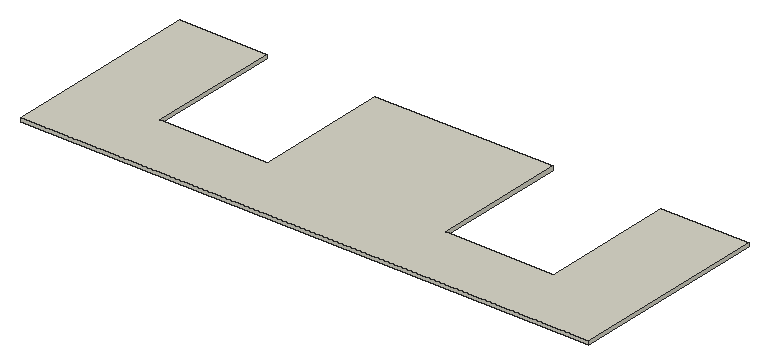
Revit family "console-hansgrohe-54211XXX-Xevolos E Console 1570_550 with 2 cutouts for countertop basin ground 600_480", category Furniture, Revit 2019
Family settings
  OmniClass Number = 23.40.00.00
  OmniClass Title = Equipment and Furnishings
  Work Plane-Based = No
  Always vertical = Yes
  Cut with Voids When Loaded = No
  Shared = Yes
  Room Calculation Point = No
Parameters (values of type "54211-54211780-SAND_MATT_BEIGE-200")
  etim7_EC011381 = "EC011381"
  WEIGHT = "5.2"
  UNSPSC = "56 | Furniture and Furnishings"
  UNIFORMATII = "E2010 | Fixed Furnishings"
  UNICLASS_2015_CODE = "40_30_78_05"
  UNICLASS2015 = "Pr_40_20_76_94 | Vanity units"
  SURFACE = "SAND_MATT_BEIGE"
  SPECIFICATION = "https://pro.hansgrohe.com/articledetail--54211700"
  REGIONSET = "Worldwide"
  PRODUCTGROUP = "console"
  PRODUCTFAMILY = "Xevolos E"
  PERMALINK = "54211XXX"
  OMNICLASS = "23-19 31 17 11 | Bathroom Units"
  OBJECTTYPE = "Object (single object)"
  NN = "Console with 2 cutouts for countertop basin ground"
  NBSYN = "$BASENUMBER.-$ARTNR.-$SURFACE.-$LODLEVEL."
  NB = "54211-54211780-SAND_MATT_BEIGE-200"
  NAME = "Xevolos E Console 1570/550 with 2 cutouts for countertop basin ground 600/480"
  Model = "54211-54211780-SAND_MATT_BEIGE-200"
  Manufacturer = "Hansgrohe"
  MIdent = "{$CADENAS_DATA/23d-libs/hansgrohe/xevolos_furniture/xevolos_console_cutout_for_countertop_basin_ground/console_with_2_cutout_countertop_basinground.prj},260 {VTYP=3D},{NB=54211-54211780-SAND_MATT_BEIGE-200},{LINA=54211-54211780-SAND_MATT_BEIGE-200},{NN=Console with 2 cutouts for countertop basin ground},{DATE=13.03.2023 11:42:43},{GEOMDATE=12.03.2023 06:45:00},{VERSION=},{LINEID=60},{WBVAR=LODLEVEL},{WBNUMERIC=}  {NB=54211-54211780-SAND_MATT_BEIGE-200},{LINA=54211-54211780-SAND_MATT_BEIGE-200},{KT=DUMMY},{IDNR=6},{ARTNR=54211780},{BASENUMBER=54211},{MODEL=54211XXX},{SURFACE=SAND_MATT_BEIGE},{L=1574},{LODLEVEL=200},{LODLEVELX='400','400','200','200'},{L1=300},{LC=245},{NAME=Xevolos E Console 1570/550 with 2 cutouts for countertop basin ground 600/480},{PERMALINK=54211XXX},{OBJECTTYPE=Object (single object)},{BIMOBJECT=Sanitary: Compound units},{PRODUCTFAMILY=Xevolos E},{PRODUCTGROUP=console},{WEIGHT=5.2},{DESCRIPTION=Xevolos E Console 1570/550 with 2 cutouts for countertop basin ground 600/480},{SPECIFICATION=https://pro.hansgrohe.com/articledetail--54211700},{PRODUCTURL=0},{GTINCODE=0},{TENDERURL=0},{IFC=Furnishing element},{ETIM=EC011381 | Bathroom furniture set},{UNICLASS2015=Pr_40_20_76_94 | Vanity units},{OMNICLASS=23-19 31 17 11 | Bathroom Units},{MASTERFORMAT=12 35 30.23 | Bathroom Casework},{UNSPSC=56 | Furniture and Furnishings},{UNIFORMATII=E2010 | Fixed Furnishings},{REGIONSET=Worldwide},{DESIGN=Germany},{MANUFACTURER=Germany}"
  MASTERFORMAT = "12 35 30.23 | Bathroom Casework"
  LODLEVEL = "200"
  LINA = "54211-54211780-SAND_MATT_BEIGE-200"
  LC = 245
  L1 = 300
  L = 1574
  IFC = "Furnishing element"
  ETIM = "EC011381 | Bathroom furniture set"
  DESIGN = "Germany"
  CATALOG = "Hansgrohe"
  BIMOBJECT = "Sanitary: Compound units"
  BASENUMBER = "54211"
  ARTNR = "54211780"
  54211-54211780-SAND_MATT_BEIGE-400_RX0RY0RZ0TX0TY0TZ0_V = no
  54211-54211780-SAND_MATT_BEIGE-200_RX0RY0RZ0TX0TY0TZ0_V = yes
  54211-54211760-SLATE_MATT_GREY-400_RX0RY0RZ0TX0TY0TZ0_V = no
  54211-54211760-SLATE_MATT_GREY-200_RX0RY0RZ0TX0TY0TZ0_V = no
  54211-54211700-MATTE_WHITE-400_RX0RY0RZ0TX0TY0TZ0_V = no
  54211-54211700-MATTE_WHITE-200_RX0RY0RZ0TX0TY0TZ0_V = no
Types (6, lengths in mm): name | SURFACE | NB | Model | MIdent | LODLEVEL | LINA | ARTNR | 54211-54211780-SAND_MATT_BEIGE-400_RX0RY0RZ0TX0TY0TZ0_V | 54211-54211780-SAND_MATT_BEIGE-200_RX0RY0RZ0TX0TY0TZ0_V | 54211-54211760-SLATE_MATT_GREY-400_RX0RY0RZ0TX0TY0TZ0_V | 54211-54211760-SLATE_MATT_GREY-200_RX0RY0RZ0TX0TY0TZ0_V | 54211-54211700-MATTE_WHITE-400_RX0RY0RZ0TX0TY0TZ0_V | 54211-54211700-MATTE_WHITE-200_RX0RY0RZ0TX0TY0TZ0_V
  54211-54211700-MATTE_WHITE-200 | "MATTE_WHITE" | "54211-54211700-MATTE_WHITE-200" | "54211-54211700-MATTE_WHITE-200" | "{$CADENAS_DATA/23d-libs/hansgrohe/xevolos_furniture/xevolos_console_cutout_for_countertop_basin_ground/console_with_2_cutout_countertop_basinground.prj},252 {VTYP=3D},{NB=54211-54211700-MATTE_WHITE-200},{LINA=54211-54211700-MATTE_WHITE-200},{NN=Console with 2 cutouts for countertop basin ground},{DATE=13.03.2023 11:42:43},{GEOMDATE=12.03.2023 06:45:00},{VERSION=},{LINEID=40},{WBVAR=LODLEVEL},{WBNUMERIC=}  {NB=54211-54211700-MATTE_WHITE-200},{LINA=54211-54211700-MATTE_WHITE-200},{KT=DUMMY},{IDNR=4},{ARTNR=54211700},{BASENUMBER=54211},{MODEL=54211XXX},{SURFACE=MATTE_WHITE},{L=1574},{LODLEVEL=200},{LODLEVELX='400','400','200','200'},{L1=300},{LC=245},{NAME=Xevolos E Console 1570/550 with 2 cutouts for countertop basin ground 600/480},{PERMALINK=54211XXX},{OBJECTTYPE=Object (single object)},{BIMOBJECT=Sanitary: Compound units},{PRODUCTFAMILY=Xevolos E},{PRODUCTGROUP=console},{WEIGHT=5.2},{DESCRIPTION=Xevolos E Console 1570/550 with 2 cutouts for countertop basin ground 600/480},{SPECIFICATION=https://pro.hansgrohe.com/articledetail--54211700},{PRODUCTURL=0},{GTINCODE=0},{TENDERURL=0},{IFC=Furnishing element},{ETIM=EC011381 | Bathroom furniture set},{UNICLASS2015=Pr_40_20_76_94 | Vanity units},{OMNICLASS=23-19 31 17 11 | Bathroom Units},{MASTERFORMAT=12 35 30.23 | Bathroom Casework},{UNSPSC=56 | Furniture and Furnishings},{UNIFORMATII=E2010 | Fixed Furnishings},{REGIONSET=Worldwide},{DESIGN=Germany},{MANUFACTURER=Germany}" | "200" | "54211-54211700-MATTE_WHITE-200" | "54211700" | no | no | no | no | no | yes
  54211-54211700-MATTE_WHITE-400 | "MATTE_WHITE" | "54211-54211700-MATTE_WHITE-400" | "54211-54211700-MATTE_WHITE-400" | "{$CADENAS_DATA/23d-libs/hansgrohe/xevolos_furniture/xevolos_console_cutout_for_countertop_basin_ground/console_with_2_cutout_countertop_basinground.prj},252 {VTYP=3D},{NB=54211-54211700-MATTE_WHITE-400},{LINA=54211-54211700-MATTE_WHITE-400},{NN=Console with 2 cutouts for countertop basin ground},{DATE=13.03.2023 11:42:43},{GEOMDATE=12.03.2023 06:45:00},{VERSION=},{LINEID=40},{WBVAR=LODLEVEL},{WBNUMERIC=}  {NB=54211-54211700-MATTE_WHITE-400},{LINA=54211-54211700-MATTE_WHITE-400},{KT=DUMMY},{IDNR=4},{ARTNR=54211700},{BASENUMBER=54211},{MODEL=54211XXX},{SURFACE=MATTE_WHITE},{L=1574},{LODLEVEL=400},{LODLEVELX='400','400','200','200'},{L1=300},{LC=245},{NAME=Xevolos E Console 1570/550 with 2 cutouts for countertop basin ground 600/480},{PERMALINK=54211XXX},{OBJECTTYPE=Object (single object)},{BIMOBJECT=Sanitary: Compound units},{PRODUCTFAMILY=Xevolos E},{PRODUCTGROUP=console},{WEIGHT=5.2},{DESCRIPTION=Xevolos E Console 1570/550 with 2 cutouts for countertop basin ground 600/480},{SPECIFICATION=https://pro.hansgrohe.com/articledetail--54211700},{PRODUCTURL=0},{GTINCODE=0},{TENDERURL=0},{IFC=Furnishing element},{ETIM=EC011381 | Bathroom furniture set},{UNICLASS2015=Pr_40_20_76_94 | Vanity units},{OMNICLASS=23-19 31 17 11 | Bathroom Units},{MASTERFORMAT=12 35 30.23 | Bathroom Casework},{UNSPSC=56 | Furniture and Furnishings},{UNIFORMATII=E2010 | Fixed Furnishings},{REGIONSET=Worldwide},{DESIGN=Germany},{MANUFACTURER=Germany}" | "400" | "54211-54211700-MATTE_WHITE-400" | "54211700" | no | no | no | no | yes | no
  54211-54211760-SLATE_MATT_GREY-200 | "SLATE_MATT_GREY" | "54211-54211760-SLATE_MATT_GREY-200" | "54211-54211760-SLATE_MATT_GREY-200" | "{$CADENAS_DATA/23d-libs/hansgrohe/xevolos_furniture/xevolos_console_cutout_for_countertop_basin_ground/console_with_2_cutout_countertop_basinground.prj},260 {VTYP=3D},{NB=54211-54211760-SLATE_MATT_GREY-200},{LINA=54211-54211760-SLATE_MATT_GREY-200},{NN=Console with 2 cutouts for countertop basin ground},{DATE=13.03.2023 11:42:43},{GEOMDATE=12.03.2023 06:45:00},{VERSION=},{LINEID=50},{WBVAR=LODLEVEL},{WBNUMERIC=}  {NB=54211-54211760-SLATE_MATT_GREY-200},{LINA=54211-54211760-SLATE_MATT_GREY-200},{KT=DUMMY},{IDNR=5},{ARTNR=54211760},{BASENUMBER=54211},{MODEL=54211XXX},{SURFACE=SLATE_MATT_GREY},{L=1574},{LODLEVEL=200},{LODLEVELX='400','400','200','200'},{L1=300},{LC=245},{NAME=Xevolos E Console 1570/550 with 2 cutouts for countertop basin ground 600/480},{PERMALINK=54211XXX},{OBJECTTYPE=Object (single object)},{BIMOBJECT=Sanitary: Compound units},{PRODUCTFAMILY=Xevolos E},{PRODUCTGROUP=console},{WEIGHT=5.2},{DESCRIPTION=Xevolos E Console 1570/550 with 2 cutouts for countertop basin ground 600/480},{SPECIFICATION=https://pro.hansgrohe.com/articledetail--54211700},{PRODUCTURL=0},{GTINCODE=0},{TENDERURL=0},{IFC=Furnishing element},{ETIM=EC011381 | Bathroom furniture set},{UNICLASS2015=Pr_40_20_76_94 | Vanity units},{OMNICLASS=23-19 31 17 11 | Bathroom Units},{MASTERFORMAT=12 35 30.23 | Bathroom Casework},{UNSPSC=56 | Furniture and Furnishings},{UNIFORMATII=E2010 | Fixed Furnishings},{REGIONSET=Worldwide},{DESIGN=Germany},{MANUFACTURER=Germany}" | "200" | "54211-54211760-SLATE_MATT_GREY-200" | "54211760" | no | no | no | yes | no | no
  54211-54211760-SLATE_MATT_GREY-400 | "SLATE_MATT_GREY" | "54211-54211760-SLATE_MATT_GREY-400" | "54211-54211760-SLATE_MATT_GREY-400" | "{$CADENAS_DATA/23d-libs/hansgrohe/xevolos_furniture/xevolos_console_cutout_for_countertop_basin_ground/console_with_2_cutout_countertop_basinground.prj},260 {VTYP=3D},{NB=54211-54211760-SLATE_MATT_GREY-400},{LINA=54211-54211760-SLATE_MATT_GREY-400},{NN=Console with 2 cutouts for countertop basin ground},{DATE=13.03.2023 11:42:43},{GEOMDATE=12.03.2023 06:45:00},{VERSION=},{LINEID=50},{WBVAR=LODLEVEL},{WBNUMERIC=}  {NB=54211-54211760-SLATE_MATT_GREY-400},{LINA=54211-54211760-SLATE_MATT_GREY-400},{KT=DUMMY},{IDNR=5},{ARTNR=54211760},{BASENUMBER=54211},{MODEL=54211XXX},{SURFACE=SLATE_MATT_GREY},{L=1574},{LODLEVEL=400},{LODLEVELX='400','400','200','200'},{L1=300},{LC=245},{NAME=Xevolos E Console 1570/550 with 2 cutouts for countertop basin ground 600/480},{PERMALINK=54211XXX},{OBJECTTYPE=Object (single object)},{BIMOBJECT=Sanitary: Compound units},{PRODUCTFAMILY=Xevolos E},{PRODUCTGROUP=console},{WEIGHT=5.2},{DESCRIPTION=Xevolos E Console 1570/550 with 2 cutouts for countertop basin ground 600/480},{SPECIFICATION=https://pro.hansgrohe.com/articledetail--54211700},{PRODUCTURL=0},{GTINCODE=0},{TENDERURL=0},{IFC=Furnishing element},{ETIM=EC011381 | Bathroom furniture set},{UNICLASS2015=Pr_40_20_76_94 | Vanity units},{OMNICLASS=23-19 31 17 11 | Bathroom Units},{MASTERFORMAT=12 35 30.23 | Bathroom Casework},{UNSPSC=56 | Furniture and Furnishings},{UNIFORMATII=E2010 | Fixed Furnishings},{REGIONSET=Worldwide},{DESIGN=Germany},{MANUFACTURER=Germany}" | "400" | "54211-54211760-SLATE_MATT_GREY-400" | "54211760" | no | no | yes | no | no | no
  54211-54211780-SAND_MATT_BEIGE-200 | "SAND_MATT_BEIGE" | "54211-54211780-SAND_MATT_BEIGE-200" | "54211-54211780-SAND_MATT_BEIGE-200" | "{$CADENAS_DATA/23d-libs/hansgrohe/xevolos_furniture/xevolos_console_cutout_for_countertop_basin_ground/console_with_2_cutout_countertop_basinground.prj},260 {VTYP=3D},{NB=54211-54211780-SAND_MATT_BEIGE-200},{LINA=54211-54211780-SAND_MATT_BEIGE-200},{NN=Console with 2 cutouts for countertop basin ground},{DATE=13.03.2023 11:42:43},{GEOMDATE=12.03.2023 06:45:00},{VERSION=},{LINEID=60},{WBVAR=LODLEVEL},{WBNUMERIC=}  {NB=54211-54211780-SAND_MATT_BEIGE-200},{LINA=54211-54211780-SAND_MATT_BEIGE-200},{KT=DUMMY},{IDNR=6},{ARTNR=54211780},{BASENUMBER=54211},{MODEL=54211XXX},{SURFACE=SAND_MATT_BEIGE},{L=1574},{LODLEVEL=200},{LODLEVELX='400','400','200','200'},{L1=300},{LC=245},{NAME=Xevolos E Console 1570/550 with 2 cutouts for countertop basin ground 600/480},{PERMALINK=54211XXX},{OBJECTTYPE=Object (single object)},{BIMOBJECT=Sanitary: Compound units},{PRODUCTFAMILY=Xevolos E},{PRODUCTGROUP=console},{WEIGHT=5.2},{DESCRIPTION=Xevolos E Console 1570/550 with 2 cutouts for countertop basin ground 600/480},{SPECIFICATION=https://pro.hansgrohe.com/articledetail--54211700},{PRODUCTURL=0},{GTINCODE=0},{TENDERURL=0},{IFC=Furnishing element},{ETIM=EC011381 | Bathroom furniture set},{UNICLASS2015=Pr_40_20_76_94 | Vanity units},{OMNICLASS=23-19 31 17 11 | Bathroom Units},{MASTERFORMAT=12 35 30.23 | Bathroom Casework},{UNSPSC=56 | Furniture and Furnishings},{UNIFORMATII=E2010 | Fixed Furnishings},{REGIONSET=Worldwide},{DESIGN=Germany},{MANUFACTURER=Germany}" | "200" | "54211-54211780-SAND_MATT_BEIGE-200" | "54211780" | no | yes | no | no | no | no
  54211-54211780-SAND_MATT_BEIGE-400 | "SAND_MATT_BEIGE" | "54211-54211780-SAND_MATT_BEIGE-400" | "54211-54211780-SAND_MATT_BEIGE-400" | "{$CADENAS_DATA/23d-libs/hansgrohe/xevolos_furniture/xevolos_console_cutout_for_countertop_basin_ground/console_with_2_cutout_countertop_basinground.prj},260 {VTYP=3D},{NB=54211-54211780-SAND_MATT_BEIGE-400},{LINA=54211-54211780-SAND_MATT_BEIGE-400},{NN=Console with 2 cutouts for countertop basin ground},{DATE=13.03.2023 11:42:43},{GEOMDATE=12.03.2023 06:45:00},{VERSION=},{LINEID=60},{WBVAR=LODLEVEL},{WBNUMERIC=}  {NB=54211-54211780-SAND_MATT_BEIGE-400},{LINA=54211-54211780-SAND_MATT_BEIGE-400},{KT=DUMMY},{IDNR=6},{ARTNR=54211780},{BASENUMBER=54211},{MODEL=54211XXX},{SURFACE=SAND_MATT_BEIGE},{L=1574},{LODLEVEL=400},{LODLEVELX='400','400','200','200'},{L1=300},{LC=245},{NAME=Xevolos E Console 1570/550 with 2 cutouts for countertop basin ground 600/480},{PERMALINK=54211XXX},{OBJECTTYPE=Object (single object)},{BIMOBJECT=Sanitary: Compound units},{PRODUCTFAMILY=Xevolos E},{PRODUCTGROUP=console},{WEIGHT=5.2},{DESCRIPTION=Xevolos E Console 1570/550 with 2 cutouts for countertop basin ground 600/480},{SPECIFICATION=https://pro.hansgrohe.com/articledetail--54211700},{PRODUCTURL=0},{GTINCODE=0},{TENDERURL=0},{IFC=Furnishing element},{ETIM=EC011381 | Bathroom furniture set},{UNICLASS2015=Pr_40_20_76_94 | Vanity units},{OMNICLASS=23-19 31 17 11 | Bathroom Units},{MASTERFORMAT=12 35 30.23 | Bathroom Casework},{UNSPSC=56 | Furniture and Furnishings},{UNIFORMATII=E2010 | Fixed Furnishings},{REGIONSET=Worldwide},{DESIGN=Germany},{MANUFACTURER=Germany}" | "400" | "54211-54211780-SAND_MATT_BEIGE-400" | "54211780" | yes | no | no | no | no | no
Reference planes
  plane 1 "Center (Front/Back)": y = 0
  plane 2: z = 0
  plane 3 "Center (Left/Right)": x = 0
Dimensions and locks
  aligned and locked: level to plane 2
Nested families
  nested 1: "54211-54211700-matte_white-200_content" at (0, 0, 0), visible <- "54211-54211700-MATTE_WHITE-200_RX0RY0RZ0TX0TY0TZ0_V", ContentVisible <- "54211-54211700-MATTE_WHITE-200_RX0RY0RZ0TX0TY0TZ0_V", type "54211-54211700-MATTE_WHITE-200_Content"
    with ContentVisible no
  nested 2: "54211-54211700-matte_white-400_content" at (0, 0, 0), visible <- "54211-54211700-MATTE_WHITE-400_RX0RY0RZ0TX0TY0TZ0_V", ContentVisible <- "54211-54211700-MATTE_WHITE-400_RX0RY0RZ0TX0TY0TZ0_V", type "54211-54211700-MATTE_WHITE-400_Content"
    with ContentVisible no
  nested 3: "54211-54211760-slate_matt_grey-200_content" at (0, 0, 0), visible <- "54211-54211760-SLATE_MATT_GREY-200_RX0RY0RZ0TX0TY0TZ0_V", ContentVisible <- "54211-54211760-SLATE_MATT_GREY-200_RX0RY0RZ0TX0TY0TZ0_V", type "54211-54211760-SLATE_MATT_GREY-200_Content"
    with ContentVisible no
  nested 4: "54211-54211760-slate_matt_grey-400_content" at (0, 0, 0), visible <- "54211-54211760-SLATE_MATT_GREY-400_RX0RY0RZ0TX0TY0TZ0_V", ContentVisible <- "54211-54211760-SLATE_MATT_GREY-400_RX0RY0RZ0TX0TY0TZ0_V", type "54211-54211760-SLATE_MATT_GREY-400_Content"
    with ContentVisible no
  nested 5: "54211-54211780-sand_matt_beige-200_content" at (0, 0, 0), visible <- "54211-54211780-SAND_MATT_BEIGE-200_RX0RY0RZ0TX0TY0TZ0_V", ContentVisible <- "54211-54211780-SAND_MATT_BEIGE-200_RX0RY0RZ0TX0TY0TZ0_V", type "54211-54211780-SAND_MATT_BEIGE-200_Content"
    with ContentVisible yes
  nested 6: "54211-54211780-sand_matt_beige-400_content" at (0, 0, 0), visible <- "54211-54211780-SAND_MATT_BEIGE-400_RX0RY0RZ0TX0TY0TZ0_V", ContentVisible <- "54211-54211780-SAND_MATT_BEIGE-400_RX0RY0RZ0TX0TY0TZ0_V", type "54211-54211780-SAND_MATT_BEIGE-400_Content"
    with ContentVisible no
Definition of nested family "54211-54211780-sand_matt_beige-200_content"
  Parameters (values of type "54211-54211780-SAND_MATT_BEIGE-200_Content")
    etim7_EC011381 = "EC011381"
    WEIGHT = "5.2"
    UNSPSC = "56 | Furniture and Furnishings"
    UNIFORMATII = "E2010 | Fixed Furnishings"
    UNICLASS_2015_CODE = "40_30_78_05"
    UNICLASS2015 = "Pr_40_20_76_94 | Vanity units"
    SURFACE = "SAND_MATT_BEIGE"
    SPECIFICATION = "https://pro.hansgrohe.com/articledetail--54211700"
    REGIONSET = "Worldwide"
    PRODUCTGROUP = "console"
    PRODUCTFAMILY = "Xevolos E"
    PERMALINK = "54211XXX"
    OMNICLASS = "23-19 31 17 11 | Bathroom Units"
    OBJECTTYPE = "Object (single object)"
    NN = "Console with 2 cutouts for countertop basin ground"
    NBSYN = "$BASENUMBER.-$ARTNR.-$SURFACE.-$LODLEVEL."
    NB = "54211-54211780-SAND_MATT_BEIGE-200"
    NAME = "Xevolos E Console 1570/550 with 2 cutouts for countertop basin ground 600/480"
    Model = "54211-54211780-SAND_MATT_BEIGE-200"
    Manufacturer = "Hansgrohe"
    MASTERFORMAT = "12 35 30.23 | Bathroom Casework"
    LODLEVEL = "200"
    LINA = "54211-54211780-SAND_MATT_BEIGE-200"
    LC = 245
    L1 = 300
    L = 1574
    IFC = "Furnishing element"
    ETIM = "EC011381 | Bathroom furniture set"
    Default Elevation = 1219.2 mm
    DESIGN = "Germany"
    ContentVisible [instance] = yes
    CATALOG = "Hansgrohe"
    BIMOBJECT = "Sanitary: Compound units"
    BASENUMBER = "54211"
    ARTNR = "54211780"
  Reference planes
    plane 1 "Center (Front/Back)": y = 0
    plane 2: z = 0
    plane 3 "Center (Left/Right)": x = 0
  Forms (mm)
    Extrusion 1, solid, visible <- "ContentVisible", detail levels medium+fine
      sketch origin (0, 0, 0) x (1, 0, 0) y (0, 1, 0)
        loop
          line (-787, 0) -> (-787, -550) -> (787, -550) -> (787, 0) -> (545, 0) -> (545, -370) -> (245, -370) -> (245, 0) -> (-245, 0) -> (-245, -370) -> (-545, -370) -> (-545, 0) -> (-787, 0)
      from 0 to 10
    Extrusion 2, solid, visible <- "ContentVisible", detail levels coarse
      sketch origin (0, -275, 0) x (1, 0, 0) y (0, 1, 0)
        loop
          line (-787, -275) -> (787, -275) -> (787, 275) -> (-787, 275) -> (-787, -275)
      from 0 to 10
  Dimensions and locks
    aligned and locked: level to plane 2
Definition of nested family "54211-54211700-matte_white-200_content"
  Parameters (values of type "54211-54211700-MATTE_WHITE-200_Content")
    etim7_EC011381 = "EC011381"
    WEIGHT = "5.2"
    UNSPSC = "56 | Furniture and Furnishings"
    UNIFORMATII = "E2010 | Fixed Furnishings"
    UNICLASS_2015_CODE = "40_30_78_05"
    UNICLASS2015 = "Pr_40_20_76_94 | Vanity units"
    SURFACE = "MATTE_WHITE"
    SPECIFICATION = "https://pro.hansgrohe.com/articledetail--54211700"
    REGIONSET = "Worldwide"
    PRODUCTGROUP = "console"
    PRODUCTFAMILY = "Xevolos E"
    PERMALINK = "54211XXX"
    OMNICLASS = "23-19 31 17 11 | Bathroom Units"
    OBJECTTYPE = "Object (single object)"
    NN = "Console with 2 cutouts for countertop basin ground"
    NBSYN = "$BASENUMBER.-$ARTNR.-$SURFACE.-$LODLEVEL."
    NB = "54211-54211700-MATTE_WHITE-200"
    NAME = "Xevolos E Console 1570/550 with 2 cutouts for countertop basin ground 600/480"
    Model = "54211-54211700-MATTE_WHITE-200"
    Manufacturer = "Hansgrohe"
    MASTERFORMAT = "12 35 30.23 | Bathroom Casework"
    LODLEVEL = "200"
    LINA = "54211-54211700-MATTE_WHITE-200"
    LC = 245
    L1 = 300
    L = 1574
    IFC = "Furnishing element"
    ETIM = "EC011381 | Bathroom furniture set"
    Default Elevation = 1219.2 mm
    DESIGN = "Germany"
    ContentVisible [instance] = yes
    CATALOG = "Hansgrohe"
    BIMOBJECT = "Sanitary: Compound units"
    BASENUMBER = "54211"
    ARTNR = "54211700"
  Reference planes
    plane 1 "Center (Front/Back)": y = 0
    plane 2: z = 0
    plane 3 "Center (Left/Right)": x = 0
  Forms (mm)
    Extrusion 1, solid, visible <- "ContentVisible", detail levels medium+fine
      sketch origin (0, 0, 0) x (1, 0, 0) y (0, 1, 0)
        loop
          line (-787, 0) -> (-787, -550) -> (787, -550) -> (787, 0) -> (545, 0) -> (545, -370) -> (245, -370) -> (245, 0) -> (-245, 0) -> (-245, -370) -> (-545, -370) -> (-545, 0) -> (-787, 0)
      from 0 to 10
    Extrusion 2, solid, visible <- "ContentVisible", detail levels coarse
      sketch origin (0, -275, 0) x (1, 0, 0) y (0, 1, 0)
        loop
          line (-787, -275) -> (787, -275) -> (787, 275) -> (-787, 275) -> (-787, -275)
      from 0 to 10
  Dimensions and locks
    aligned and locked: level to plane 2
Definition of nested family "54211-54211700-matte_white-400_content"
  Parameters (values of type "54211-54211700-MATTE_WHITE-400_Content")
    etim7_EC011381 = "EC011381"
    WEIGHT = "5.2"
    UNSPSC = "56 | Furniture and Furnishings"
    UNIFORMATII = "E2010 | Fixed Furnishings"
    UNICLASS_2015_CODE = "40_30_78_05"
    UNICLASS2015 = "Pr_40_20_76_94 | Vanity units"
    SURFACE = "MATTE_WHITE"
    SPECIFICATION = "https://pro.hansgrohe.com/articledetail--54211700"
    REGIONSET = "Worldwide"
    PRODUCTGROUP = "console"
    PRODUCTFAMILY = "Xevolos E"
    PERMALINK = "54211XXX"
    OMNICLASS = "23-19 31 17 11 | Bathroom Units"
    OBJECTTYPE = "Object (single object)"
    NN = "Console with 2 cutouts for countertop basin ground"
    NBSYN = "$BASENUMBER.-$ARTNR.-$SURFACE.-$LODLEVEL."
    NB = "54211-54211700-MATTE_WHITE-400"
    NAME = "Xevolos E Console 1570/550 with 2 cutouts for countertop basin ground 600/480"
    Model = "54211-54211700-MATTE_WHITE-400"
    Manufacturer = "Hansgrohe"
    MASTERFORMAT = "12 35 30.23 | Bathroom Casework"
    LODLEVEL = "400"
    LINA = "54211-54211700-MATTE_WHITE-400"
    LC = 245
    L1 = 300
    L = 1574
    IFC = "Furnishing element"
    ETIM = "EC011381 | Bathroom furniture set"
    Default Elevation = 1219.2 mm
    DESIGN = "Germany"
    ContentVisible [instance] = yes
    CATALOG = "Hansgrohe"
    BIMOBJECT = "Sanitary: Compound units"
    BASENUMBER = "54211"
    ARTNR = "54211700"
  Reference planes
    plane 1 "Center (Front/Back)": y = 0
    plane 2: z = 0
    plane 3 "Center (Left/Right)": x = 0
  Forms (mm)
    Extrusion 1, solid, visible <- "ContentVisible", detail levels medium+fine
      sketch origin (0, 0, 0) x (1, 0, 0) y (0, 1, 0)
        loop
          line (-787, 0) -> (-787, -548.5)
          arc (-787, -548.5) -> (-786.561, -549.561) -> (-785.5, -550) r 1.5
          line (-785.5, -550) -> (785.5, -550)
          arc (785.5, -550) -> (786.561, -549.561) -> (787, -548.5) r 1.5
          line (787, -548.5) -> (787, 0) -> (545, 0) -> (545, -270)
          arc (545, -270) -> (515.711, -340.711) -> (445, -370) r 100
          line (445, -370) -> (345, -370)
          arc (345, -370) -> (274.289, -340.711) -> (245, -270) r 100
          line (245, -270) -> (245, 0) -> (-245, 0) -> (-245, -270)
          arc (-245, -270) -> (-274.289, -340.711) -> (-345, -370) r 100
          line (-345, -370) -> (-445, -370)
          arc (-445, -370) -> (-515.711, -340.711) -> (-545, -270) r 100
          line (-545, -270) -> (-545, 0) -> (-787, 0)
      from 0 to 10
    Extrusion 2, solid, visible <- "ContentVisible", detail levels coarse
      sketch origin (0, -275, 0) x (1, 0, 0) y (0, 1, 0)
        loop
          line (-787, -275) -> (787, -275) -> (787, 275) -> (-787, 275) -> (-787, -275)
      from 0 to 10
  Dimensions and locks
    aligned and locked: level to plane 2
Definition of nested family "54211-54211760-slate_matt_grey-200_content"
  Parameters (values of type "54211-54211760-SLATE_MATT_GREY-200_Content")
    etim7_EC011381 = "EC011381"
    WEIGHT = "5.2"
    UNSPSC = "56 | Furniture and Furnishings"
    UNIFORMATII = "E2010 | Fixed Furnishings"
    UNICLASS_2015_CODE = "40_30_78_05"
    UNICLASS2015 = "Pr_40_20_76_94 | Vanity units"
    SURFACE = "SLATE_MATT_GREY"
    SPECIFICATION = "https://pro.hansgrohe.com/articledetail--54211700"
    REGIONSET = "Worldwide"
    PRODUCTGROUP = "console"
    PRODUCTFAMILY = "Xevolos E"
    PERMALINK = "54211XXX"
    OMNICLASS = "23-19 31 17 11 | Bathroom Units"
    OBJECTTYPE = "Object (single object)"
    NN = "Console with 2 cutouts for countertop basin ground"
    NBSYN = "$BASENUMBER.-$ARTNR.-$SURFACE.-$LODLEVEL."
    NB = "54211-54211760-SLATE_MATT_GREY-200"
    NAME = "Xevolos E Console 1570/550 with 2 cutouts for countertop basin ground 600/480"
    Model = "54211-54211760-SLATE_MATT_GREY-200"
    Manufacturer = "Hansgrohe"
    MASTERFORMAT = "12 35 30.23 | Bathroom Casework"
    LODLEVEL = "200"
    LINA = "54211-54211760-SLATE_MATT_GREY-200"
    LC = 245
    L1 = 300
    L = 1574
    IFC = "Furnishing element"
    ETIM = "EC011381 | Bathroom furniture set"
    Default Elevation = 1219.2 mm
    DESIGN = "Germany"
    ContentVisible [instance] = yes
    CATALOG = "Hansgrohe"
    BIMOBJECT = "Sanitary: Compound units"
    BASENUMBER = "54211"
    ARTNR = "54211760"
  Reference planes
    plane 1 "Center (Front/Back)": y = 0
    plane 2: z = 0
    plane 3 "Center (Left/Right)": x = 0
  Forms (mm)
    Extrusion 1, solid, visible <- "ContentVisible", detail levels medium+fine
      sketch origin (0, 0, 0) x (1, 0, 0) y (0, 1, 0)
        loop
          line (-787, 0) -> (-787, -550) -> (787, -550) -> (787, 0) -> (545, 0) -> (545, -370) -> (245, -370) -> (245, 0) -> (-245, 0) -> (-245, -370) -> (-545, -370) -> (-545, 0) -> (-787, 0)
      from 0 to 10
    Extrusion 2, solid, visible <- "ContentVisible", detail levels coarse
      sketch origin (0, -275, 0) x (1, 0, 0) y (0, 1, 0)
        loop
          line (-787, -275) -> (787, -275) -> (787, 275) -> (-787, 275) -> (-787, -275)
      from 0 to 10
  Dimensions and locks
    aligned and locked: level to plane 2
Definition of nested family "54211-54211760-slate_matt_grey-400_content"
  Parameters (values of type "54211-54211760-SLATE_MATT_GREY-400_Content")
    etim7_EC011381 = "EC011381"
    WEIGHT = "5.2"
    UNSPSC = "56 | Furniture and Furnishings"
    UNIFORMATII = "E2010 | Fixed Furnishings"
    UNICLASS_2015_CODE = "40_30_78_05"
    UNICLASS2015 = "Pr_40_20_76_94 | Vanity units"
    SURFACE = "SLATE_MATT_GREY"
    SPECIFICATION = "https://pro.hansgrohe.com/articledetail--54211700"
    REGIONSET = "Worldwide"
    PRODUCTGROUP = "console"
    PRODUCTFAMILY = "Xevolos E"
    PERMALINK = "54211XXX"
    OMNICLASS = "23-19 31 17 11 | Bathroom Units"
    OBJECTTYPE = "Object (single object)"
    NN = "Console with 2 cutouts for countertop basin ground"
    NBSYN = "$BASENUMBER.-$ARTNR.-$SURFACE.-$LODLEVEL."
    NB = "54211-54211760-SLATE_MATT_GREY-400"
    NAME = "Xevolos E Console 1570/550 with 2 cutouts for countertop basin ground 600/480"
    Model = "54211-54211760-SLATE_MATT_GREY-400"
    Manufacturer = "Hansgrohe"
    MASTERFORMAT = "12 35 30.23 | Bathroom Casework"
    LODLEVEL = "400"
    LINA = "54211-54211760-SLATE_MATT_GREY-400"
    LC = 245
    L1 = 300
    L = 1574
    IFC = "Furnishing element"
    ETIM = "EC011381 | Bathroom furniture set"
    Default Elevation = 1219.2 mm
    DESIGN = "Germany"
    ContentVisible [instance] = yes
    CATALOG = "Hansgrohe"
    BIMOBJECT = "Sanitary: Compound units"
    BASENUMBER = "54211"
    ARTNR = "54211760"
  Reference planes
    plane 1 "Center (Front/Back)": y = 0
    plane 2: z = 0
    plane 3 "Center (Left/Right)": x = 0
  Forms (mm)
    Extrusion 1, solid, visible <- "ContentVisible", detail levels medium+fine
      sketch origin (0, 0, 0) x (1, 0, 0) y (0, 1, 0)
        loop
          line (-787, 0) -> (-787, -548.5)
          arc (-787, -548.5) -> (-786.561, -549.561) -> (-785.5, -550) r 1.5
          line (-785.5, -550) -> (785.5, -550)
          arc (785.5, -550) -> (786.561, -549.561) -> (787, -548.5) r 1.5
          line (787, -548.5) -> (787, 0) -> (545, 0) -> (545, -270)
          arc (545, -270) -> (515.711, -340.711) -> (445, -370) r 100
          line (445, -370) -> (345, -370)
          arc (345, -370) -> (274.289, -340.711) -> (245, -270) r 100
          line (245, -270) -> (245, 0) -> (-245, 0) -> (-245, -270)
          arc (-245, -270) -> (-274.289, -340.711) -> (-345, -370) r 100
          line (-345, -370) -> (-445, -370)
          arc (-445, -370) -> (-515.711, -340.711) -> (-545, -270) r 100
          line (-545, -270) -> (-545, 0) -> (-787, 0)
      from 0 to 10
    Extrusion 2, solid, visible <- "ContentVisible", detail levels coarse
      sketch origin (0, -275, 0) x (1, 0, 0) y (0, 1, 0)
        loop
          line (-787, -275) -> (787, -275) -> (787, 275) -> (-787, 275) -> (-787, -275)
      from 0 to 10
  Dimensions and locks
    aligned and locked: level to plane 2
Definition of nested family "54211-54211780-sand_matt_beige-400_content"
  Parameters (values of type "54211-54211780-SAND_MATT_BEIGE-400_Content")
    etim7_EC011381 = "EC011381"
    WEIGHT = "5.2"
    UNSPSC = "56 | Furniture and Furnishings"
    UNIFORMATII = "E2010 | Fixed Furnishings"
    UNICLASS_2015_CODE = "40_30_78_05"
    UNICLASS2015 = "Pr_40_20_76_94 | Vanity units"
    SURFACE = "SAND_MATT_BEIGE"
    SPECIFICATION = "https://pro.hansgrohe.com/articledetail--54211700"
    REGIONSET = "Worldwide"
    PRODUCTGROUP = "console"
    PRODUCTFAMILY = "Xevolos E"
    PERMALINK = "54211XXX"
    OMNICLASS = "23-19 31 17 11 | Bathroom Units"
    OBJECTTYPE = "Object (single object)"
    NN = "Console with 2 cutouts for countertop basin ground"
    NBSYN = "$BASENUMBER.-$ARTNR.-$SURFACE.-$LODLEVEL."
    NB = "54211-54211780-SAND_MATT_BEIGE-400"
    NAME = "Xevolos E Console 1570/550 with 2 cutouts for countertop basin ground 600/480"
    Model = "54211-54211780-SAND_MATT_BEIGE-400"
    Manufacturer = "Hansgrohe"
    MASTERFORMAT = "12 35 30.23 | Bathroom Casework"
    LODLEVEL = "400"
    LINA = "54211-54211780-SAND_MATT_BEIGE-400"
    LC = 245
    L1 = 300
    L = 1574
    IFC = "Furnishing element"
    ETIM = "EC011381 | Bathroom furniture set"
    Default Elevation = 1219.2 mm
    DESIGN = "Germany"
    ContentVisible [instance] = yes
    CATALOG = "Hansgrohe"
    BIMOBJECT = "Sanitary: Compound units"
    BASENUMBER = "54211"
    ARTNR = "54211780"
  Reference planes
    plane 1 "Center (Front/Back)": y = 0
    plane 2: z = 0
    plane 3 "Center (Left/Right)": x = 0
  Forms (mm)
    Extrusion 1, solid, visible <- "ContentVisible", detail levels medium+fine
      sketch origin (0, 0, 0) x (1, 0, 0) y (0, 1, 0)
        loop
          line (-787, 0) -> (-787, -548.5)
          arc (-787, -548.5) -> (-786.561, -549.561) -> (-785.5, -550) r 1.5
          line (-785.5, -550) -> (785.5, -550)
          arc (785.5, -550) -> (786.561, -549.561) -> (787, -548.5) r 1.5
          line (787, -548.5) -> (787, 0) -> (545, 0) -> (545, -270)
          arc (545, -270) -> (515.711, -340.711) -> (445, -370) r 100
          line (445, -370) -> (345, -370)
          arc (345, -370) -> (274.289, -340.711) -> (245, -270) r 100
          line (245, -270) -> (245, 0) -> (-245, 0) -> (-245, -270)
          arc (-245, -270) -> (-274.289, -340.711) -> (-345, -370) r 100
          line (-345, -370) -> (-445, -370)
          arc (-445, -370) -> (-515.711, -340.711) -> (-545, -270) r 100
          line (-545, -270) -> (-545, 0) -> (-787, 0)
      from 0 to 10
    Extrusion 2, solid, visible <- "ContentVisible", detail levels coarse
      sketch origin (0, -275, 0) x (1, 0, 0) y (0, 1, 0)
        loop
          line (-787, -275) -> (787, -275) -> (787, 275) -> (-787, 275) -> (-787, -275)
      from 0 to 10
  Dimensions and locks
    aligned and locked: level to plane 2
